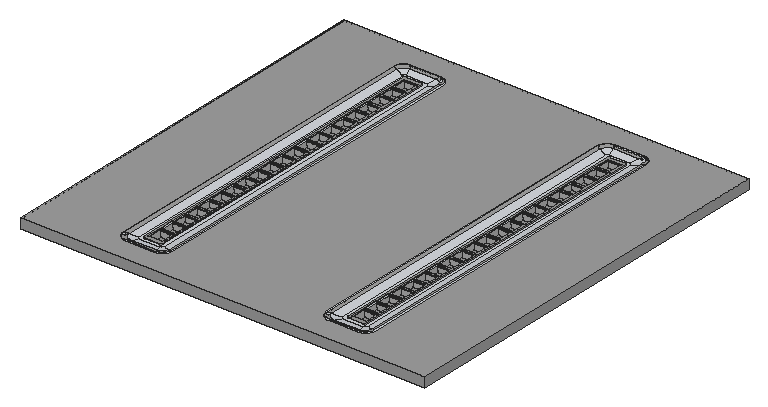
Revit family "0044000 Sylvania Lighting Fixture OptiClip 600 4000K C8 WH CC WHITE", category Lighting Fixtures, host Face, Revit 2016
Family settings
  Host = Face
  Part Type = Normal
  Round Connector Dimension = Use Diameter
  OmniClass Number = 23.80.70.00
  OmniClass Title = Lighting
  Cut with Voids When Loaded = No
  Light Source = Yes
  Shared = No
  Room Calculation Point = No
Parameters (values of type "Type Name")
  spacer height = 5 mm
  spacer centres = 1000 mm
  height = 14.63 mm
  cut out width = 590 mm
  cut out length = 590 mm
  Width = 595 mm
  Weight = ""
  Wattage Comments = ""
  Wattage = 9.2903 W
  WarrantyStartDate [instance] = "n/a"
  WarrantyGuarantorParts = "n/a"
  WarrantyDurationUnit = "n/a"
  WarrantyDurationParts = "n/a"
  WarrantyDescription = "n/a"
  built-in parameter 1150110 = 1 (stored number, unit not read)
  Voltage = 0 V
  URL = "http://www.feilosylvania.com"
  TypeName = ""
  Type Image = <None>
  Type Comments = "n/a"
  built-in parameter 1114217 = 1 (stored number, unit not read)
  Tilt Angle = 90.00°
  built-in parameter 1150109 = 1 (stored number, unit not read)
  built-in parameter 1150134 = 3
  built-in parameter 1150113 = 1 (stored number, unit not read)
  SerialNumber [instance] = "n/a"
  Photometric Web File = "0044000.ies"
  Material_3_FEILO = none
  PowerFactor = 0
  PowerConsumption = ""
  NominalLength = 0 mm
  NominalHeight = 0 mm
  NominalDepth = 0 mm
  Name = ""
  ModelReference = Name  # ""
  ModelNumber = ""
  Model = Name  # ""
  Material = ""
  ManufacturerName = "Feilo Sylvania"
  Manufacturer = "Feilo Sylvania"
  LuminousEfficacy = ""
  built-in parameter 1150105 = 109.82 (stored number, unit not read)
  Lumens = 1380 lm
  LuminaireType = ""
  built-in parameter 1150115 = 1 (stored number, unit not read)
  LightOutputRatio = ""
  built-in parameter 1150137 = (empty or 0)
  built-in parameter 1150139 = (empty or 0)
  Length = 595 mm
  LampsType = Lamp  # ""
  LampNominalLuminous = ""
  LampMacAdamStep = ""
  LampColourTemperature = ""
  LampColourRenderingIndex = ""
  built-in parameter 1150112 = 1 (stored number, unit not read)
  built-in parameter 1150114 = 1 (stored number, unit not read)
  Lamp = ""
  Keynote = "16500"
  InstallationDate [instance] = "n/a"
  InputVoltage = ""
  InputNominalFrequency = ""
  built-in parameter 1150132 = (empty or 0)
  built-in parameter 1150102 = (empty or 0)
  built-in parameter 1150107 = 3200 (stored number, unit not read)
  built-in parameter 1150138 = (empty or 0)
  IngressProtection = ""
  ImpactProtectionIndex = ""
  built-in parameter 1150106 = 1.0982 (stored number, unit not read)
  IfcExportType = "IfcLightFixtureType"
  IfcExportAs = "IfcLightFixtureType"
  Height = 50 mm
  ExpectedLife = 50000
  Emit from Circle Diameter = 609.6 mm
  Emit Shape Visible in Rendering = no
  ElectricShockClassification = ""
  built-in parameter 1150104 = 13.8 (stored number, unit not read)
  DurationUnit = "hours"
  DocumentationLiterature = ""
  DimmingControlOptions = ""
  Material_2_FEILO = none
  Dimming Lamp Color Temperature Shift = <None>
  Description = ""
  Default Elevation = 1219.2 mm
  CreatedOn = ""
  CreatedBy = ""
  Cost = 0
  Color Filter = 16777215
  built-in parameter 1114216 [instance] = (empty or 0)
  ClassificationValue = "EF_70_80"
  ClassificationName = "Uniclass2015"
  Material_1_FEILO = none
  BarCode [instance] = "n/a"
  built-in parameter 1114218 = 1 (stored number, unit not read)
  built-in parameter 1150133 = 10 (stored number, unit not read)
  AssetType = ""
  AssetIdentifier [instance] = "n/a"
  Assembly Code = "D5020200"
  Apparent Load = 0 VA
  Material_4_FEILO = none
Reference planes
  plane 1 "Center (Front/Back)": y = 0
  plane 2: z = 0
  plane 3 "Center (Left/Right)": x = 0
  plane 4: z = 0
  plane 5: y = 297.5
  plane 6: y = -297.5
  plane 7: x = -297.5
  plane 8: x = 297.5
  plane 9: x = -295
  plane 10: x = 295
  plane 11: y = 295
  plane 12: y = -295
  plane 13: z = -14.63
  plane 14: y = 296.5
  plane 15: x = -296.5
  plane 16: x = 296.5
  plane 17: y = -296.5
  plane 18: x = -185
  plane 19: x = -113
  plane 20: y = -246.5
  plane 21: x = -184
  plane 22: y = 262
  plane 23: x = -114
  plane 24: y = -262
  plane 25: y = 245.5
  plane 26: y = -245.345
  plane 27: x = -160
  plane 28: x = -138
  plane 29: y = 236.5
  plane 30: y = -236.345
  plane 31: y = 213.35
  plane 32: y = 212.35
  plane 33: y = 190.95
  plane 34: y = 189.95
  plane 35: y = 168.595
  plane 36: y = 167.595
  plane 37: y = 146.15
  plane 38: y = 145.15
  plane 39: y = 123.75
  plane 40: y = 122.75
  plane 41: y = 101.35
  plane 42: y = 100.35
  plane 43: y = 78.95
  plane 44: y = 77.95
  plane 45: y = 56.576
  plane 46: y = 55.576
  plane 47: y = 34.15
  plane 48: y = 33.15
  plane 49: y = 11.75
  plane 50: y = 10.75
  plane 51: y = -10.65
  plane 52: y = -11.65
  plane 53: y = -33.05
  plane 54: y = -34.05
  plane 55: y = -55.45
  plane 56: y = -56.45
  plane 57: y = -77.805
  plane 58: y = -78.805
  plane 59: y = -100.25
  plane 60: y = -101.25
  plane 61: y = -122.65
  plane 62: y = -123.65
  plane 63: y = -145.05
  plane 64: y = -146.05
  plane 65: y = -167.45
  plane 66: y = -168.416
  plane 67: y = -189.816
  plane 68: y = -190.816
  plane 69: y = -212.216
  plane 70: y = -213.216
  plane 71: y = -234.616
  plane 72: x = -159.5
  plane 73: x = -138.539
  plane 74: y = 230.05
  plane 75: y = 218.05
  plane 76: x = -143.039
  plane 77: x = -155
  plane 78: x = -162.5
  plane 79: x = -135.5
  plane 80: y = 240.5
  plane 81: y = -240.345
  plane 82: y = 238
Forms (mm)
  Extrusion 1, void, detail levels medium+fine
    sketch origin (4.2, 0, 0) x (0, 1, 0) y (1, 0, 0)
      loop
        line (295, -299.2) -> (295, 290.8) -> (-295, 290.8) -> (-295, -299.2) -> (295, -299.2)
    from 0 to 10
  Extrusion 2, solid, material "Default", detail levels medium+fine
    sketch origin (4.2, 0, 0) x (1, 0, 0) y (0, 1, 0)
      loop
        line (-301.7, 297.5) -> (-301.7, -297.5) -> (293.3, -297.5) -> (293.3, 297.5) -> (-301.7, 297.5)
    from 0 to -14.63
  Extrusion 3, void, detail levels medium+fine
    sketch origin (4.2, 0, 0) x (0, 1, 0) y (1, 0, 0)
      loop
        line (296.5, -300.7) -> (296.5, 292.3) -> (-296.5, 292.3) -> (-296.5, -300.7) -> (296.5, -300.7)
    from 1.008 to 14.63
  Blend 4, solid, detail levels medium+fine
    base sketch origin (4.2, 0, 0) x (1, 0, 0) y (0, 1, 0)
      loop
        line (-189.2, 248) -> (-189.2, -248)
        arc (-189.2, -248) -> (-184.807, -258.607) -> (-174.2, -263) r 15
        line (-174.2, -263) -> (-132.2, -263)
        arc (-132.2, -263) -> (-121.593, -258.607) -> (-117.2, -248) r 15
        line (-117.2, -248) -> (-117.2, 248)
        arc (-117.2, 248) -> (-121.593, 258.607) -> (-132.2, 263) r 15
        line (-132.2, 263) -> (-174.2, 263)
        arc (-174.2, 263) -> (-184.807, 258.607) -> (-189.2, 248) r 15
    top sketch origin (4.2, 0, 0) x (1, 0, 0) y (0, 1, 0)
      loop
        line (-172.7, 242.5) -> (-172.7, -242.5)
        arc (-172.7, -242.5) -> (-171.517, -245.34) -> (-168.667, -246.5) r 4
        line (-168.667, -246.5) -> (-137.633, -246.5)
        arc (-137.633, -246.5) -> (-134.828, -245.324) -> (-133.7, -242.5) r 3.934
        line (-133.7, -242.5) -> (-133.7, 242.5)
        arc (-133.7, 242.5) -> (-134.982, 245.439) -> (-138.008, 246.5) r 4.011
        line (-138.008, 246.5) -> (-168.7, 246.5)
        arc (-168.7, 246.5) -> (-171.528, 245.328) -> (-172.7, 242.5) r 4
    from 0 to -4
  Blend 5, void
    base sketch origin (4.2, 0, 0) x (0, 1, 0) y (-1, 0, 0)
      loop
        line (248, 188.2) -> (-248, 188.2)
        arc (-248, 188.2) -> (-257.899, 184.099) -> (-262, 174.2) r 14
        line (-262, 174.2) -> (-262, 132.2)
        arc (-262, 132.2) -> (-257.899, 122.301) -> (-248, 118.2) r 14
        line (-248, 118.2) -> (248, 118.2)
        arc (248, 118.2) -> (257.899, 122.301) -> (262, 132.2) r 14
        line (262, 132.2) -> (262, 174.2)
        arc (262, 174.2) -> (257.899, 184.099) -> (248, 188.2) r 14
    top sketch origin (4.2, 0, 0) x (0, 1, 0) y (-1, 0, 0)
      loop
        line (242.5, 171.7) -> (-242.5, 171.7)
        arc (-242.5, 171.7) -> (-244.579, 170.8) -> (-245.345, 168.667) r 2.851
        line (-245.345, 168.667) -> (-245.345, 137.633)
        arc (-245.345, 137.633) -> (-244.517, 135.59) -> (-242.5, 134.7) r 2.934
        line (-242.5, 134.7) -> (242.5, 134.7)
        arc (242.5, 134.7) -> (244.733, 135.69) -> (245.5, 138.008) r 3.014
        line (245.5, 138.008) -> (245.5, 168.7)
        arc (245.5, 168.7) -> (244.621, 170.821) -> (242.5, 171.7) r 3
    from 0 to -3.5
  Extrusion 6, solid, material "Aluminum 1100-H18", detail levels medium+fine
    sketch origin (4.2, 0, 0) x (1, 0, 0) y (0, 1, 0)
      loop
        line (-164.2, 236.5) -> (-164.2, -236.345) -> (-142.2, -236.345) -> (-142.2, 236.5) -> (-164.2, 236.5)
    from -4 to -14.63
  Extrusion 7, solid, material "Aluminum 1100-H18", detail levels medium+fine
    sketch origin (4.2, 0, 0) x (1, 0, 0) y (0, 1, 0)
      loop
        line (-166.7, 238) -> (-166.7, -238.071)
        arc (-166.7, -238.071) -> (-165.953, -239.761) -> (-164.2, -240.345) r 2.284
        line (-164.2, -240.345) -> (-142.156, -240.345)
        arc (-142.156, -240.345) -> (-140.483, -239.689) -> (-139.7, -238.071) r 2.464
        line (-139.7, -238.071) -> (-139.7, 238)
        arc (-139.7, 238) -> (-140.432, 239.768) -> (-142.2, 240.5) r 2.5
        line (-142.2, 240.5) -> (-164.2, 240.5)
        arc (-164.2, 240.5) -> (-165.968, 239.768) -> (-166.7, 238) r 2.5
    from -3.5 to -2.5
  Blend 8, void
    base sketch origin (4.2, 0, 0) x (0, 1, 0) y (-1, 0, 0)
      loop
        line (234.75, 163.7) -> (213.35, 163.7) -> (213.35, 142.739) -> (234.75, 142.739) -> (234.75, 163.7)
    top sketch origin (4.2, 0, 0) x (0, 1, 0) y (-1, 0, 0)
      loop
        line (230.05, 159.2) -> (218.05, 159.2) -> (218.05, 147.239) -> (230.05, 147.239) -> (230.05, 159.2)
    from -2.5 to -11
  Blend 9, void
    base sketch origin (4.2, -22.4, 0) x (0, 1, 0) y (-1, 0, 0)
      loop
        line (234.75, 163.7) -> (213.35, 163.7) -> (213.35, 142.739) -> (234.75, 142.739) -> (234.75, 163.7)
    top sketch origin (4.2, -22.4, 0) x (0, 1, 0) y (-1, 0, 0)
      loop
        line (230.05, 159.2) -> (218.05, 159.2) -> (218.05, 147.239) -> (230.05, 147.239) -> (230.05, 159.2)
    from -2.5 to -11
  Blend 10, void
    base sketch origin (4.2, -44.8, 0) x (0, 1, 0) y (-1, 0, 0)
      loop
        line (234.75, 163.7) -> (213.35, 163.7) -> (213.35, 142.739) -> (234.75, 142.739) -> (234.75, 163.7)
    top sketch origin (4.2, -44.8, 0) x (0, 1, 0) y (-1, 0, 0)
      loop
        line (230.05, 159.2) -> (218.05, 159.2) -> (218.05, 147.239) -> (230.05, 147.239) -> (230.05, 159.2)
    from -2.5 to -11
  Blend 11, void
    base sketch origin (4.2, -67.155, 0) x (0, 1, 0) y (-1, 0, 0)
      loop
        line (234.75, 163.7) -> (213.35, 163.7) -> (213.35, 142.739) -> (234.75, 142.739) -> (234.75, 163.7)
    top sketch origin (4.2, -67.155, 0) x (0, 1, 0) y (-1, 0, 0)
      loop
        line (230.05, 159.2) -> (218.05, 159.2) -> (218.05, 147.239) -> (230.05, 147.239) -> (230.05, 159.2)
    from -2.5 to -11
  Blend 12, void
    base sketch origin (4.2, -89.6, 0) x (0, 1, 0) y (-1, 0, 0)
      loop
        line (234.75, 163.7) -> (213.35, 163.7) -> (213.35, 142.739) -> (234.75, 142.739) -> (234.75, 163.7)
    top sketch origin (4.2, -89.6, 0) x (0, 1, 0) y (-1, 0, 0)
      loop
        line (230.05, 159.2) -> (218.05, 159.2) -> (218.05, 147.239) -> (230.05, 147.239) -> (230.05, 159.2)
    from -2.5 to -11
  Blend 13, void
    base sketch origin (4.2, -112, 0) x (0, 1, 0) y (-1, 0, 0)
      loop
        line (234.75, 163.7) -> (213.35, 163.7) -> (213.35, 142.739) -> (234.75, 142.739) -> (234.75, 163.7)
    top sketch origin (4.2, -112, 0) x (0, 1, 0) y (-1, 0, 0)
      loop
        line (230.05, 159.2) -> (218.05, 159.2) -> (218.05, 147.239) -> (230.05, 147.239) -> (230.05, 159.2)
    from -2.5 to -11
  Blend 14, void
    base sketch origin (4.2, -134.4, 0) x (0, 1, 0) y (-1, 0, 0)
      loop
        line (234.75, 163.7) -> (213.35, 163.7) -> (213.35, 142.739) -> (234.75, 142.739) -> (234.75, 163.7)
    top sketch origin (4.2, -134.4, 0) x (0, 1, 0) y (-1, 0, 0)
      loop
        line (230.05, 159.2) -> (218.05, 159.2) -> (218.05, 147.239) -> (230.05, 147.239) -> (230.05, 159.2)
    from -2.5 to -11
  Blend 15, void
    base sketch origin (4.2, -156.8, 0) x (0, 1, 0) y (-1, 0, 0)
      loop
        line (234.75, 163.7) -> (213.35, 163.7) -> (213.35, 142.739) -> (234.75, 142.739) -> (234.75, 163.7)
    top sketch origin (4.2, -156.8, 0) x (0, 1, 0) y (-1, 0, 0)
      loop
        line (230.05, 159.2) -> (218.05, 159.2) -> (218.05, 147.239) -> (230.05, 147.239) -> (230.05, 159.2)
    from -2.5 to -11
  Blend 16, void
    base sketch origin (4.2, -179.174, 0) x (0, 1, 0) y (-1, 0, 0)
      loop
        line (234.75, 163.7) -> (213.35, 163.7) -> (213.35, 142.739) -> (234.75, 142.739) -> (234.75, 163.7)
    top sketch origin (4.2, -179.174, 0) x (0, 1, 0) y (-1, 0, 0)
      loop
        line (230.05, 159.2) -> (218.05, 159.2) -> (218.05, 147.239) -> (230.05, 147.239) -> (230.05, 159.2)
    from -2.5 to -11
  Blend 17, void
    base sketch origin (4.2, -201.6, 0) x (0, 1, 0) y (-1, 0, 0)
      loop
        line (234.75, 163.7) -> (213.35, 163.7) -> (213.35, 142.739) -> (234.75, 142.739) -> (234.75, 163.7)
    top sketch origin (4.2, -201.6, 0) x (0, 1, 0) y (-1, 0, 0)
      loop
        line (230.05, 159.2) -> (218.05, 159.2) -> (218.05, 147.239) -> (230.05, 147.239) -> (230.05, 159.2)
    from -2.5 to -11
  Blend 18, void
    base sketch origin (4.2, -224, 0) x (0, 1, 0) y (-1, 0, 0)
      loop
        line (234.75, 163.7) -> (213.35, 163.7) -> (213.35, 142.739) -> (234.75, 142.739) -> (234.75, 163.7)
    top sketch origin (4.2, -224, 0) x (0, 1, 0) y (-1, 0, 0)
      loop
        line (230.05, 159.2) -> (218.05, 159.2) -> (218.05, 147.239) -> (230.05, 147.239) -> (230.05, 159.2)
    from -2.5 to -11
  Blend 19, void
    base sketch origin (4.2, -246.4, 0) x (0, 1, 0) y (-1, 0, 0)
      loop
        line (234.75, 163.7) -> (213.35, 163.7) -> (213.35, 142.739) -> (234.75, 142.739) -> (234.75, 163.7)
    top sketch origin (4.2, -246.4, 0) x (0, 1, 0) y (-1, 0, 0)
      loop
        line (230.05, 159.2) -> (218.05, 159.2) -> (218.05, 147.239) -> (230.05, 147.239) -> (230.05, 159.2)
    from -2.5 to -11
  Blend 20, void
    base sketch origin (4.2, -268.8, 0) x (0, 1, 0) y (-1, 0, 0)
      loop
        line (234.75, 163.7) -> (213.35, 163.7) -> (213.35, 142.739) -> (234.75, 142.739) -> (234.75, 163.7)
    top sketch origin (4.2, -268.8, 0) x (0, 1, 0) y (-1, 0, 0)
      loop
        line (230.05, 159.2) -> (218.05, 159.2) -> (218.05, 147.239) -> (230.05, 147.239) -> (230.05, 159.2)
    from -2.5 to -11
  Blend 21, void
    base sketch origin (4.2, -291.2, 0) x (0, 1, 0) y (-1, 0, 0)
      loop
        line (234.75, 163.7) -> (213.35, 163.7) -> (213.35, 142.739) -> (234.75, 142.739) -> (234.75, 163.7)
    top sketch origin (4.2, -291.2, 0) x (0, 1, 0) y (-1, 0, 0)
      loop
        line (230.05, 159.2) -> (218.05, 159.2) -> (218.05, 147.239) -> (230.05, 147.239) -> (230.05, 159.2)
    from -2.5 to -11
  Blend 22, void
    base sketch origin (4.2, -313.555, 0) x (0, 1, 0) y (-1, 0, 0)
      loop
        line (234.75, 163.7) -> (213.35, 163.7) -> (213.35, 142.739) -> (234.75, 142.739) -> (234.75, 163.7)
    top sketch origin (4.2, -313.555, 0) x (0, 1, 0) y (-1, 0, 0)
      loop
        line (230.05, 159.2) -> (218.05, 159.2) -> (218.05, 147.239) -> (230.05, 147.239) -> (230.05, 159.2)
    from -2.5 to -11
  Blend 23, void
    base sketch origin (4.2, -336, 0) x (0, 1, 0) y (-1, 0, 0)
      loop
        line (234.75, 163.7) -> (213.35, 163.7) -> (213.35, 142.739) -> (234.75, 142.739) -> (234.75, 163.7)
    top sketch origin (4.2, -336, 0) x (0, 1, 0) y (-1, 0, 0)
      loop
        line (230.05, 159.2) -> (218.05, 159.2) -> (218.05, 147.239) -> (230.05, 147.239) -> (230.05, 159.2)
    from -2.5 to -11
  Blend 24, void
    base sketch origin (4.2, -358.4, 0) x (0, 1, 0) y (-1, 0, 0)
      loop
        line (234.75, 163.7) -> (213.35, 163.7) -> (213.35, 142.739) -> (234.75, 142.739) -> (234.75, 163.7)
    top sketch origin (4.2, -358.4, 0) x (0, 1, 0) y (-1, 0, 0)
      loop
        line (230.05, 159.2) -> (218.05, 159.2) -> (218.05, 147.239) -> (230.05, 147.239) -> (230.05, 159.2)
    from -2.5 to -11
  Blend 25, void
    base sketch origin (4.2, -380.8, 0) x (0, 1, 0) y (-1, 0, 0)
      loop
        line (234.75, 163.7) -> (213.35, 163.7) -> (213.35, 142.739) -> (234.75, 142.739) -> (234.75, 163.7)
    top sketch origin (4.2, -380.8, 0) x (0, 1, 0) y (-1, 0, 0)
      loop
        line (230.05, 159.2) -> (218.05, 159.2) -> (218.05, 147.239) -> (230.05, 147.239) -> (230.05, 159.2)
    from -2.5 to -11
  Extrusion 26, solid, material "Glass, White, High Luminance", detail levels fine
    sketch origin (4.2, 0, 0) x (1, 0, 0) y (0, 1, 0)
      loop
        line (-159.2, 230.05) -> (-159.2, 218.05) -> (-147.239, 218.05) -> (-147.239, 230.05) -> (-159.2, 230.05)
    from -11 to -10
  Extrusion 27, solid, material "Glass, White, High Luminance", detail levels fine
    sketch origin (4.2, -22.4, 0) x (1, 0, 0) y (0, 1, 0)
      loop
        line (-159.2, 230.05) -> (-159.2, 218.05) -> (-147.239, 218.05) -> (-147.239, 230.05) -> (-159.2, 230.05)
    from -11 to -10
  Extrusion 28, solid, material "Glass, White, High Luminance", detail levels fine
    sketch origin (4.2, -44.8, 0) x (1, 0, 0) y (0, 1, 0)
      loop
        line (-159.2, 230.05) -> (-159.2, 218.05) -> (-147.239, 218.05) -> (-147.239, 230.05) -> (-159.2, 230.05)
    from -11 to -10
  Extrusion 29, solid, material "Glass, White, High Luminance", detail levels fine
    sketch origin (4.2, -67.155, 0) x (1, 0, 0) y (0, 1, 0)
      loop
        line (-159.2, 230.05) -> (-159.2, 218.05) -> (-147.239, 218.05) -> (-147.239, 230.05) -> (-159.2, 230.05)
    from -11 to -10
  Extrusion 30, solid, material "Glass, White, High Luminance", detail levels fine
    sketch origin (4.2, -89.6, 0) x (1, 0, 0) y (0, 1, 0)
      loop
        line (-159.2, 230.05) -> (-159.2, 218.05) -> (-147.239, 218.05) -> (-147.239, 230.05) -> (-159.2, 230.05)
    from -11 to -10
  Extrusion 31, solid, material "Glass, White, High Luminance", detail levels fine
    sketch origin (4.2, -112, 0) x (1, 0, 0) y (0, 1, 0)
      loop
        line (-159.2, 230.05) -> (-159.2, 218.05) -> (-147.239, 218.05) -> (-147.239, 230.05) -> (-159.2, 230.05)
    from -11 to -10
  Extrusion 32, solid, material "Glass, White, High Luminance", detail levels fine
    sketch origin (4.2, -134.4, 0) x (1, 0, 0) y (0, 1, 0)
      loop
        line (-159.2, 230.05) -> (-159.2, 218.05) -> (-147.239, 218.05) -> (-147.239, 230.05) -> (-159.2, 230.05)
    from -11 to -10
  Extrusion 33, solid, material "Glass, White, High Luminance", detail levels fine
    sketch origin (4.2, -156.8, 0) x (1, 0, 0) y (0, 1, 0)
      loop
        line (-159.2, 230.05) -> (-159.2, 218.05) -> (-147.239, 218.05) -> (-147.239, 230.05) -> (-159.2, 230.05)
    from -11 to -10
  Extrusion 34, solid, material "Glass, White, High Luminance", detail levels fine
    sketch origin (4.2, -179.174, 0) x (1, 0, 0) y (0, 1, 0)
      loop
        line (-159.2, 230.05) -> (-159.2, 218.05) -> (-147.239, 218.05) -> (-147.239, 230.05) -> (-159.2, 230.05)
    from -11 to -10
  Extrusion 35, solid, material "Glass, White, High Luminance", detail levels fine
    sketch origin (4.2, -201.6, 0) x (1, 0, 0) y (0, 1, 0)
      loop
        line (-159.2, 230.05) -> (-159.2, 218.05) -> (-147.239, 218.05) -> (-147.239, 230.05) -> (-159.2, 230.05)
    from -11 to -10
  Extrusion 36, solid, material "Glass, White, High Luminance", detail levels fine
    sketch origin (4.2, -224, 0) x (1, 0, 0) y (0, 1, 0)
      loop
        line (-159.2, 230.05) -> (-159.2, 218.05) -> (-147.239, 218.05) -> (-147.239, 230.05) -> (-159.2, 230.05)
    from -11 to -10
  Extrusion 37, solid, material "Glass, White, High Luminance", detail levels fine
    sketch origin (4.2, -246.4, 0) x (1, 0, 0) y (0, 1, 0)
      loop
        line (-159.2, 230.05) -> (-159.2, 218.05) -> (-147.239, 218.05) -> (-147.239, 230.05) -> (-159.2, 230.05)
    from -11 to -10
  Extrusion 38, solid, material "Glass, White, High Luminance", detail levels fine
    sketch origin (4.2, -268.8, 0) x (1, 0, 0) y (0, 1, 0)
      loop
        line (-159.2, 230.05) -> (-159.2, 218.05) -> (-147.239, 218.05) -> (-147.239, 230.05) -> (-159.2, 230.05)
    from -11 to -10
  Extrusion 39, solid, material "Glass, White, High Luminance", detail levels fine
    sketch origin (4.2, -291.2, 0) x (1, 0, 0) y (0, 1, 0)
      loop
        line (-159.2, 230.05) -> (-159.2, 218.05) -> (-147.239, 218.05) -> (-147.239, 230.05) -> (-159.2, 230.05)
    from -11 to -10
  Extrusion 40, solid, material "Glass, White, High Luminance", detail levels fine
    sketch origin (4.2, -313.555, 0) x (1, 0, 0) y (0, 1, 0)
      loop
        line (-159.2, 230.05) -> (-159.2, 218.05) -> (-147.239, 218.05) -> (-147.239, 230.05) -> (-159.2, 230.05)
    from -11 to -10
  Extrusion 41, solid, material "Glass, White, High Luminance", detail levels fine
    sketch origin (4.2, -336, 0) x (1, 0, 0) y (0, 1, 0)
      loop
        line (-159.2, 230.05) -> (-159.2, 218.05) -> (-147.239, 218.05) -> (-147.239, 230.05) -> (-159.2, 230.05)
    from -11 to -10
  Extrusion 42, solid, material "Glass, White, High Luminance", detail levels fine
    sketch origin (4.2, -358.4, 0) x (1, 0, 0) y (0, 1, 0)
      loop
        line (-159.2, 230.05) -> (-159.2, 218.05) -> (-147.239, 218.05) -> (-147.239, 230.05) -> (-159.2, 230.05)
    from -11 to -10
  Extrusion 43, solid, material "Glass, White, High Luminance", detail levels fine
    sketch origin (4.2, -380.8, 0) x (1, 0, 0) y (0, 1, 0)
      loop
        line (-159.2, 230.05) -> (-159.2, 218.05) -> (-147.239, 218.05) -> (-147.239, 230.05) -> (-159.2, 230.05)
    from -11 to -10
  Extrusion 44, solid, material "Glass, White, High Luminance", detail levels fine
    sketch origin (3.419, -403.166, 0) x (1, 0, 0) y (0, 1, 0)
      loop
        line (-158.419, 230.05) -> (-158.419, 218.05) -> (-146.458, 218.05) -> (-146.458, 230.05) -> (-158.419, 230.05)
    from -11 to -10
  Extrusion 45, solid, material "Glass, White, High Luminance", detail levels fine
    sketch origin (3.419, -425.566, 0) x (1, 0, 0) y (0, 1, 0)
      loop
        line (-158.419, 230.05) -> (-158.419, 218.05) -> (-146.458, 218.05) -> (-146.458, 230.05) -> (-158.419, 230.05)
    from -11 to -10
  Extrusion 46, solid, material "Glass, White, High Luminance", detail levels fine
    sketch origin (3.419, -447.966, 0) x (1, 0, 0) y (0, 1, 0)
      loop
        line (-158.419, 230.05) -> (-158.419, 218.05) -> (-146.458, 218.05) -> (-146.458, 230.05) -> (-158.419, 230.05)
    from -11 to -10
  Blend 47, solid, detail levels medium+fine
    base sketch origin (303.2, 0, 0) x (1, 0, 0) y (0, 1, 0)
      loop
        line (-189.2, 248) -> (-189.2, -248)
        arc (-189.2, -248) -> (-184.807, -258.607) -> (-174.2, -263) r 15
        line (-174.2, -263) -> (-132.2, -263)
        arc (-132.2, -263) -> (-121.593, -258.607) -> (-117.2, -248) r 15
        line (-117.2, -248) -> (-117.2, 248)
        arc (-117.2, 248) -> (-121.593, 258.607) -> (-132.2, 263) r 15
        line (-132.2, 263) -> (-174.2, 263)
        arc (-174.2, 263) -> (-184.807, 258.607) -> (-189.2, 248) r 15
    top sketch origin (303.2, 0, 0) x (1, 0, 0) y (0, 1, 0)
      loop
        line (-172.7, 242.5) -> (-172.7, -242.5)
        arc (-172.7, -242.5) -> (-171.517, -245.34) -> (-168.667, -246.5) r 4
        line (-168.667, -246.5) -> (-137.633, -246.5)
        arc (-137.633, -246.5) -> (-134.828, -245.324) -> (-133.7, -242.5) r 3.934
        line (-133.7, -242.5) -> (-133.7, 242.5)
        arc (-133.7, 242.5) -> (-134.982, 245.439) -> (-138.008, 246.5) r 4.011
        line (-138.008, 246.5) -> (-168.7, 246.5)
        arc (-168.7, 246.5) -> (-171.528, 245.328) -> (-172.7, 242.5) r 4
    from 0 to -4
  Blend 48, void
    base sketch origin (303.2, 0, 0) x (0, 1, 0) y (-1, 0, 0)
      loop
        line (248, 188.2) -> (-248, 188.2)
        arc (-248, 188.2) -> (-257.899, 184.099) -> (-262, 174.2) r 14
        line (-262, 174.2) -> (-262, 132.2)
        arc (-262, 132.2) -> (-257.899, 122.301) -> (-248, 118.2) r 14
        line (-248, 118.2) -> (248, 118.2)
        arc (248, 118.2) -> (257.899, 122.301) -> (262, 132.2) r 14
        line (262, 132.2) -> (262, 174.2)
        arc (262, 174.2) -> (257.899, 184.099) -> (248, 188.2) r 14
    top sketch origin (303.2, 0, 0) x (0, 1, 0) y (-1, 0, 0)
      loop
        line (242.5, 171.7) -> (-242.5, 171.7)
        arc (-242.5, 171.7) -> (-244.579, 170.8) -> (-245.345, 168.667) r 2.851
        line (-245.345, 168.667) -> (-245.345, 137.633)
        arc (-245.345, 137.633) -> (-244.517, 135.59) -> (-242.5, 134.7) r 2.934
        line (-242.5, 134.7) -> (242.5, 134.7)
        arc (242.5, 134.7) -> (244.733, 135.69) -> (245.5, 138.008) r 3.014
        line (245.5, 138.008) -> (245.5, 168.7)
        arc (245.5, 168.7) -> (244.621, 170.821) -> (242.5, 171.7) r 3
    from 0 to -3.5
  Extrusion 49, solid, material "Aluminum 1100-H18", detail levels medium+fine
    sketch origin (304.2, 0, 0) x (1, 0, 0) y (0, 1, 0)
      loop
        line (-164.2, 236.5) -> (-164.2, -236.345) -> (-142.2, -236.345) -> (-142.2, 236.5) -> (-164.2, 236.5)
    from -4 to -14.63
  Blend 50, void
    base sketch origin (4.2, -403.166, 0) x (0, 1, 0) y (-1, 0, 0)
      loop
        line (234.75, 163.7) -> (213.35, 163.7) -> (213.35, 142.739) -> (234.75, 142.739) -> (234.75, 163.7)
    top sketch origin (4.2, -403.166, 0) x (0, 1, 0) y (-1, 0, 0)
      loop
        line (230.05, 159.2) -> (218.05, 159.2) -> (218.05, 147.239) -> (230.05, 147.239) -> (230.05, 159.2)
    from -2.5 to -11
  Blend 51, void
    base sketch origin (4.2, -425.566, 0) x (0, 1, 0) y (-1, 0, 0)
      loop
        line (234.75, 163.7) -> (213.35, 163.7) -> (213.35, 142.739) -> (234.75, 142.739) -> (234.75, 163.7)
    top sketch origin (4.2, -425.566, 0) x (0, 1, 0) y (-1, 0, 0)
      loop
        line (230.05, 159.2) -> (218.05, 159.2) -> (218.05, 147.239) -> (230.05, 147.239) -> (230.05, 159.2)
    from -2.5 to -11
  Blend 52, void
    base sketch origin (4.2, -447.966, 0) x (0, 1, 0) y (-1, 0, 0)
      loop
        line (234.75, 163.7) -> (213.35, 163.7) -> (213.35, 142.739) -> (234.75, 142.739) -> (234.75, 163.7)
    top sketch origin (4.2, -447.966, 0) x (0, 1, 0) y (-1, 0, 0)
      loop
        line (230.05, 159.2) -> (218.05, 159.2) -> (218.05, 147.239) -> (230.05, 147.239) -> (230.05, 159.2)
    from -2.5 to -11
  Extrusion 53, solid, material "Aluminum 1100-H18", detail levels medium+fine
    sketch origin (304.2, 0, 0) x (1, 0, 0) y (0, 1, 0)
      loop
        line (-166.7, 238) -> (-166.7, -238.071)
        arc (-166.7, -238.071) -> (-165.953, -239.761) -> (-164.2, -240.345) r 2.284
        line (-164.2, -240.345) -> (-142.156, -240.345)
        arc (-142.156, -240.345) -> (-140.483, -239.689) -> (-139.7, -238.071) r 2.464
        line (-139.7, -238.071) -> (-139.7, 238)
        arc (-139.7, 238) -> (-140.432, 239.768) -> (-142.2, 240.5) r 2.5
        line (-142.2, 240.5) -> (-164.2, 240.5)
        arc (-164.2, 240.5) -> (-165.968, 239.768) -> (-166.7, 238) r 2.5
    from -3.5 to -2.5
  Blend 54, void
    base sketch origin (304.2, 0, 0) x (0, 1, 0) y (-1, 0, 0)
      loop
        line (234.75, 163.7) -> (213.35, 163.7) -> (213.35, 142.739) -> (234.75, 142.739) -> (234.75, 163.7)
    top sketch origin (304.2, 0, 0) x (0, 1, 0) y (-1, 0, 0)
      loop
        line (230.05, 159.2) -> (218.05, 159.2) -> (218.05, 147.239) -> (230.05, 147.239) -> (230.05, 159.2)
    from -2.5 to -11
  Blend 55, void
    base sketch origin (304.2, -22.4, 0) x (0, 1, 0) y (-1, 0, 0)
      loop
        line (234.75, 163.7) -> (213.35, 163.7) -> (213.35, 142.739) -> (234.75, 142.739) -> (234.75, 163.7)
    top sketch origin (304.2, -22.4, 0) x (0, 1, 0) y (-1, 0, 0)
      loop
        line (230.05, 159.2) -> (218.05, 159.2) -> (218.05, 147.239) -> (230.05, 147.239) -> (230.05, 159.2)
    from -2.5 to -11
  Blend 56, void
    base sketch origin (304.2, -44.8, 0) x (0, 1, 0) y (-1, 0, 0)
      loop
        line (234.75, 163.7) -> (213.35, 163.7) -> (213.35, 142.739) -> (234.75, 142.739) -> (234.75, 163.7)
    top sketch origin (304.2, -44.8, 0) x (0, 1, 0) y (-1, 0, 0)
      loop
        line (230.05, 159.2) -> (218.05, 159.2) -> (218.05, 147.239) -> (230.05, 147.239) -> (230.05, 159.2)
    from -2.5 to -11
  Blend 57, void
    base sketch origin (304.2, -67.155, 0) x (0, 1, 0) y (-1, 0, 0)
      loop
        line (234.75, 163.7) -> (213.35, 163.7) -> (213.35, 142.739) -> (234.75, 142.739) -> (234.75, 163.7)
    top sketch origin (304.2, -67.155, 0) x (0, 1, 0) y (-1, 0, 0)
      loop
        line (230.05, 159.2) -> (218.05, 159.2) -> (218.05, 147.239) -> (230.05, 147.239) -> (230.05, 159.2)
    from -2.5 to -11
  Blend 58, void
    base sketch origin (304.2, -89.6, 0) x (0, 1, 0) y (-1, 0, 0)
      loop
        line (234.75, 163.7) -> (213.35, 163.7) -> (213.35, 142.739) -> (234.75, 142.739) -> (234.75, 163.7)
    top sketch origin (304.2, -89.6, 0) x (0, 1, 0) y (-1, 0, 0)
      loop
        line (230.05, 159.2) -> (218.05, 159.2) -> (218.05, 147.239) -> (230.05, 147.239) -> (230.05, 159.2)
    from -2.5 to -11
  Blend 59, void
    base sketch origin (304.2, -112, 0) x (0, 1, 0) y (-1, 0, 0)
      loop
        line (234.75, 163.7) -> (213.35, 163.7) -> (213.35, 142.739) -> (234.75, 142.739) -> (234.75, 163.7)
    top sketch origin (304.2, -112, 0) x (0, 1, 0) y (-1, 0, 0)
      loop
        line (230.05, 159.2) -> (218.05, 159.2) -> (218.05, 147.239) -> (230.05, 147.239) -> (230.05, 159.2)
    from -2.5 to -11
  Blend 60, void
    base sketch origin (304.2, -134.4, 0) x (0, 1, 0) y (-1, 0, 0)
      loop
        line (234.75, 163.7) -> (213.35, 163.7) -> (213.35, 142.739) -> (234.75, 142.739) -> (234.75, 163.7)
    top sketch origin (304.2, -134.4, 0) x (0, 1, 0) y (-1, 0, 0)
      loop
        line (230.05, 159.2) -> (218.05, 159.2) -> (218.05, 147.239) -> (230.05, 147.239) -> (230.05, 159.2)
    from -2.5 to -11
  Blend 61, void
    base sketch origin (304.2, -156.8, 0) x (0, 1, 0) y (-1, 0, 0)
      loop
        line (234.75, 163.7) -> (213.35, 163.7) -> (213.35, 142.739) -> (234.75, 142.739) -> (234.75, 163.7)
    top sketch origin (304.2, -156.8, 0) x (0, 1, 0) y (-1, 0, 0)
      loop
        line (230.05, 159.2) -> (218.05, 159.2) -> (218.05, 147.239) -> (230.05, 147.239) -> (230.05, 159.2)
    from -2.5 to -11
  Blend 62, void
    base sketch origin (304.2, -179.174, 0) x (0, 1, 0) y (-1, 0, 0)
      loop
        line (234.75, 163.7) -> (213.35, 163.7) -> (213.35, 142.739) -> (234.75, 142.739) -> (234.75, 163.7)
    top sketch origin (304.2, -179.174, 0) x (0, 1, 0) y (-1, 0, 0)
      loop
        line (230.05, 159.2) -> (218.05, 159.2) -> (218.05, 147.239) -> (230.05, 147.239) -> (230.05, 159.2)
    from -2.5 to -11
  Blend 63, void
    base sketch origin (304.2, -201.6, 0) x (0, 1, 0) y (-1, 0, 0)
      loop
        line (234.75, 163.7) -> (213.35, 163.7) -> (213.35, 142.739) -> (234.75, 142.739) -> (234.75, 163.7)
    top sketch origin (304.2, -201.6, 0) x (0, 1, 0) y (-1, 0, 0)
      loop
        line (230.05, 159.2) -> (218.05, 159.2) -> (218.05, 147.239) -> (230.05, 147.239) -> (230.05, 159.2)
    from -2.5 to -11
  Blend 64, void
    base sketch origin (304.2, -224, 0) x (0, 1, 0) y (-1, 0, 0)
      loop
        line (234.75, 163.7) -> (213.35, 163.7) -> (213.35, 142.739) -> (234.75, 142.739) -> (234.75, 163.7)
    top sketch origin (304.2, -224, 0) x (0, 1, 0) y (-1, 0, 0)
      loop
        line (230.05, 159.2) -> (218.05, 159.2) -> (218.05, 147.239) -> (230.05, 147.239) -> (230.05, 159.2)
    from -2.5 to -11
  Blend 65, void
    base sketch origin (304.2, -246.4, 0) x (0, 1, 0) y (-1, 0, 0)
      loop
        line (234.75, 163.7) -> (213.35, 163.7) -> (213.35, 142.739) -> (234.75, 142.739) -> (234.75, 163.7)
    top sketch origin (304.2, -246.4, 0) x (0, 1, 0) y (-1, 0, 0)
      loop
        line (230.05, 159.2) -> (218.05, 159.2) -> (218.05, 147.239) -> (230.05, 147.239) -> (230.05, 159.2)
    from -2.5 to -11
  Blend 66, void
    base sketch origin (304.2, -268.8, 0) x (0, 1, 0) y (-1, 0, 0)
      loop
        line (234.75, 163.7) -> (213.35, 163.7) -> (213.35, 142.739) -> (234.75, 142.739) -> (234.75, 163.7)
    top sketch origin (304.2, -268.8, 0) x (0, 1, 0) y (-1, 0, 0)
      loop
        line (230.05, 159.2) -> (218.05, 159.2) -> (218.05, 147.239) -> (230.05, 147.239) -> (230.05, 159.2)
    from -2.5 to -11
  Blend 67, void
    base sketch origin (304.2, -291.2, 0) x (0, 1, 0) y (-1, 0, 0)
      loop
        line (234.75, 163.7) -> (213.35, 163.7) -> (213.35, 142.739) -> (234.75, 142.739) -> (234.75, 163.7)
    top sketch origin (304.2, -291.2, 0) x (0, 1, 0) y (-1, 0, 0)
      loop
        line (230.05, 159.2) -> (218.05, 159.2) -> (218.05, 147.239) -> (230.05, 147.239) -> (230.05, 159.2)
    from -2.5 to -11
  Blend 68, void
    base sketch origin (304.2, -313.555, 0) x (0, 1, 0) y (-1, 0, 0)
      loop
        line (234.75, 163.7) -> (213.35, 163.7) -> (213.35, 142.739) -> (234.75, 142.739) -> (234.75, 163.7)
    top sketch origin (304.2, -313.555, 0) x (0, 1, 0) y (-1, 0, 0)
      loop
        line (230.05, 159.2) -> (218.05, 159.2) -> (218.05, 147.239) -> (230.05, 147.239) -> (230.05, 159.2)
    from -2.5 to -11
  Blend 69, void
    base sketch origin (304.2, -336, 0) x (0, 1, 0) y (-1, 0, 0)
      loop
        line (234.75, 163.7) -> (213.35, 163.7) -> (213.35, 142.739) -> (234.75, 142.739) -> (234.75, 163.7)
    top sketch origin (304.2, -336, 0) x (0, 1, 0) y (-1, 0, 0)
      loop
        line (230.05, 159.2) -> (218.05, 159.2) -> (218.05, 147.239) -> (230.05, 147.239) -> (230.05, 159.2)
    from -2.5 to -11
  Blend 70, void
    base sketch origin (304.2, -358.4, 0) x (0, 1, 0) y (-1, 0, 0)
      loop
        line (234.75, 163.7) -> (213.35, 163.7) -> (213.35, 142.739) -> (234.75, 142.739) -> (234.75, 163.7)
    top sketch origin (304.2, -358.4, 0) x (0, 1, 0) y (-1, 0, 0)
      loop
        line (230.05, 159.2) -> (218.05, 159.2) -> (218.05, 147.239) -> (230.05, 147.239) -> (230.05, 159.2)
    from -2.5 to -11
  Blend 71, void
    base sketch origin (304.2, -380.8, 0) x (0, 1, 0) y (-1, 0, 0)
      loop
        line (234.75, 163.7) -> (213.35, 163.7) -> (213.35, 142.739) -> (234.75, 142.739) -> (234.75, 163.7)
    top sketch origin (304.2, -380.8, 0) x (0, 1, 0) y (-1, 0, 0)
      loop
        line (230.05, 159.2) -> (218.05, 159.2) -> (218.05, 147.239) -> (230.05, 147.239) -> (230.05, 159.2)
    from -2.5 to -11
  Blend 72, void
    base sketch origin (304.2, -403.166, 0) x (0, 1, 0) y (-1, 0, 0)
      loop
        line (234.75, 163.7) -> (213.35, 163.7) -> (213.35, 142.739) -> (234.75, 142.739) -> (234.75, 163.7)
    top sketch origin (304.2, -403.166, 0) x (0, 1, 0) y (-1, 0, 0)
      loop
        line (230.05, 159.2) -> (218.05, 159.2) -> (218.05, 147.239) -> (230.05, 147.239) -> (230.05, 159.2)
    from -2.5 to -11
  Blend 73, void
    base sketch origin (304.2, -425.566, 0) x (0, 1, 0) y (-1, 0, 0)
      loop
        line (234.75, 163.7) -> (213.35, 163.7) -> (213.35, 142.739) -> (234.75, 142.739) -> (234.75, 163.7)
    top sketch origin (304.2, -425.566, 0) x (0, 1, 0) y (-1, 0, 0)
      loop
        line (230.05, 159.2) -> (218.05, 159.2) -> (218.05, 147.239) -> (230.05, 147.239) -> (230.05, 159.2)
    from -2.5 to -11
  Blend 74, void
    base sketch origin (304.2, -447.966, 0) x (0, 1, 0) y (-1, 0, 0)
      loop
        line (234.75, 163.7) -> (213.35, 163.7) -> (213.35, 142.739) -> (234.75, 142.739) -> (234.75, 163.7)
    top sketch origin (304.2, -447.966, 0) x (0, 1, 0) y (-1, 0, 0)
      loop
        line (230.05, 159.2) -> (218.05, 159.2) -> (218.05, 147.239) -> (230.05, 147.239) -> (230.05, 159.2)
    from -2.5 to -11
  Extrusion 75, solid, material "Glass, White, High Luminance", detail levels fine
    sketch origin (304.2, 0, 0) x (1, 0, 0) y (0, 1, 0)
      loop
        line (-159.2, 230.05) -> (-159.2, 218.05) -> (-147.239, 218.05) -> (-147.239, 230.05) -> (-159.2, 230.05)
    from -11 to -10
  Extrusion 76, solid, material "Glass, White, High Luminance", detail levels fine
    sketch origin (304.2, -22.4, 0) x (1, 0, 0) y (0, 1, 0)
      loop
        line (-159.2, 230.05) -> (-159.2, 218.05) -> (-147.239, 218.05) -> (-147.239, 230.05) -> (-159.2, 230.05)
    from -11 to -10
  Extrusion 77, solid, material "Glass, White, High Luminance", detail levels fine
    sketch origin (304.2, -44.8, 0) x (1, 0, 0) y (0, 1, 0)
      loop
        line (-159.2, 230.05) -> (-159.2, 218.05) -> (-147.239, 218.05) -> (-147.239, 230.05) -> (-159.2, 230.05)
    from -11 to -10
  Extrusion 78, solid, material "Glass, White, High Luminance", detail levels fine
    sketch origin (304.2, -67.155, 0) x (1, 0, 0) y (0, 1, 0)
      loop
        line (-159.2, 230.05) -> (-159.2, 218.05) -> (-147.239, 218.05) -> (-147.239, 230.05) -> (-159.2, 230.05)
    from -11 to -10
  Extrusion 79, solid, material "Glass, White, High Luminance", detail levels fine
    sketch origin (304.2, -89.6, 0) x (1, 0, 0) y (0, 1, 0)
      loop
        line (-159.2, 230.05) -> (-159.2, 218.05) -> (-147.239, 218.05) -> (-147.239, 230.05) -> (-159.2, 230.05)
    from -11 to -10
  Extrusion 80, solid, material "Glass, White, High Luminance", detail levels fine
    sketch origin (304.2, -112, 0) x (1, 0, 0) y (0, 1, 0)
      loop
        line (-159.2, 230.05) -> (-159.2, 218.05) -> (-147.239, 218.05) -> (-147.239, 230.05) -> (-159.2, 230.05)
    from -11 to -10
  Extrusion 81, solid, material "Glass, White, High Luminance", detail levels fine
    sketch origin (304.2, -134.4, 0) x (1, 0, 0) y (0, 1, 0)
      loop
        line (-159.2, 230.05) -> (-159.2, 218.05) -> (-147.239, 218.05) -> (-147.239, 230.05) -> (-159.2, 230.05)
    from -11 to -10
  Extrusion 82, solid, material "Glass, White, High Luminance", detail levels fine
    sketch origin (304.2, -156.8, 0) x (1, 0, 0) y (0, 1, 0)
      loop
        line (-159.2, 230.05) -> (-159.2, 218.05) -> (-147.239, 218.05) -> (-147.239, 230.05) -> (-159.2, 230.05)
    from -11 to -10
  Extrusion 83, solid, material "Glass, White, High Luminance", detail levels fine
    sketch origin (304.2, -179.174, 0) x (1, 0, 0) y (0, 1, 0)
      loop
        line (-159.2, 230.05) -> (-159.2, 218.05) -> (-147.239, 218.05) -> (-147.239, 230.05) -> (-159.2, 230.05)
    from -11 to -10
  Extrusion 84, solid, material "Glass, White, High Luminance", detail levels fine
    sketch origin (304.2, -201.6, 0) x (1, 0, 0) y (0, 1, 0)
      loop
        line (-159.2, 230.05) -> (-159.2, 218.05) -> (-147.239, 218.05) -> (-147.239, 230.05) -> (-159.2, 230.05)
    from -11 to -10
  Extrusion 85, solid, material "Glass, White, High Luminance", detail levels fine
    sketch origin (304.2, -224, 0) x (1, 0, 0) y (0, 1, 0)
      loop
        line (-159.2, 230.05) -> (-159.2, 218.05) -> (-147.239, 218.05) -> (-147.239, 230.05) -> (-159.2, 230.05)
    from -11 to -10
  Extrusion 86, solid, material "Glass, White, High Luminance", detail levels fine
    sketch origin (304.2, -246.4, 0) x (1, 0, 0) y (0, 1, 0)
      loop
        line (-159.2, 230.05) -> (-159.2, 218.05) -> (-147.239, 218.05) -> (-147.239, 230.05) -> (-159.2, 230.05)
    from -11 to -10
  Extrusion 87, solid, material "Glass, White, High Luminance", detail levels fine
    sketch origin (304.2, -268.8, 0) x (1, 0, 0) y (0, 1, 0)
      loop
        line (-159.2, 230.05) -> (-159.2, 218.05) -> (-147.239, 218.05) -> (-147.239, 230.05) -> (-159.2, 230.05)
    from -11 to -10
  Extrusion 88, solid, material "Glass, White, High Luminance", detail levels fine
    sketch origin (304.2, -291.2, 0) x (1, 0, 0) y (0, 1, 0)
      loop
        line (-159.2, 230.05) -> (-159.2, 218.05) -> (-147.239, 218.05) -> (-147.239, 230.05) -> (-159.2, 230.05)
    from -11 to -10
  Extrusion 89, solid, material "Glass, White, High Luminance", detail levels fine
    sketch origin (304.2, -313.555, 0) x (1, 0, 0) y (0, 1, 0)
      loop
        line (-159.2, 230.05) -> (-159.2, 218.05) -> (-147.239, 218.05) -> (-147.239, 230.05) -> (-159.2, 230.05)
    from -11 to -10
  Extrusion 90, solid, material "Glass, White, High Luminance", detail levels fine
    sketch origin (304.2, -336, 0) x (1, 0, 0) y (0, 1, 0)
      loop
        line (-159.2, 230.05) -> (-159.2, 218.05) -> (-147.239, 218.05) -> (-147.239, 230.05) -> (-159.2, 230.05)
    from -11 to -10
  Extrusion 91, solid, material "Glass, White, High Luminance", detail levels fine
    sketch origin (304.2, -358.4, 0) x (1, 0, 0) y (0, 1, 0)
      loop
        line (-159.2, 230.05) -> (-159.2, 218.05) -> (-147.239, 218.05) -> (-147.239, 230.05) -> (-159.2, 230.05)
    from -11 to -10
  Extrusion 92, solid, material "Glass, White, High Luminance", detail levels fine
    sketch origin (304.2, -380.8, 0) x (1, 0, 0) y (0, 1, 0)
      loop
        line (-159.2, 230.05) -> (-159.2, 218.05) -> (-147.239, 218.05) -> (-147.239, 230.05) -> (-159.2, 230.05)
    from -11 to -10
  Extrusion 93, solid, material "Glass, White, High Luminance", detail levels fine
    sketch origin (303.419, -403.166, 0) x (1, 0, 0) y (0, 1, 0)
      loop
        line (-158.419, 230.05) -> (-158.419, 218.05) -> (-146.458, 218.05) -> (-146.458, 230.05) -> (-158.419, 230.05)
    from -11 to -10
  Extrusion 94, solid, material "Glass, White, High Luminance", detail levels fine
    sketch origin (303.419, -425.566, 0) x (1, 0, 0) y (0, 1, 0)
      loop
        line (-158.419, 230.05) -> (-158.419, 218.05) -> (-146.458, 218.05) -> (-146.458, 230.05) -> (-158.419, 230.05)
    from -11 to -10
  Extrusion 95, solid, material "Glass, White, High Luminance", detail levels fine
    sketch origin (303.419, -447.966, 0) x (1, 0, 0) y (0, 1, 0)
      loop
        line (-158.419, 230.05) -> (-158.419, 218.05) -> (-146.458, 218.05) -> (-146.458, 230.05) -> (-158.419, 230.05)
    from -11 to -10
  Extrusion 96, solid, detail levels coarse
    sketch origin (4.2, 0, 0) x (1, 0, 0) y (0, 1, 0)
      loop
        line (-301.7, 297.5) -> (-301.7, -297.5) -> (293.3, -297.5) -> (293.3, 297.5) -> (-301.7, 297.5)
    from -14.63 to 0
Cuts and joins
  Extrusion 3, Blend 5, Blend 48 cuts Extrusion 2
  Blend 5, Blend 8, Blend 9, Blend 10, Blend 11, Blend 12, Blend 13, Blend 14, Blend 15, Blend 16, Blend 17, Blend 18, Blend 19, Blend 20, Blend 21, Blend 22, Blend 23, Blend 24, Blend 25, Blend 50, Blend 51, Blend 52, Blend 54, Blend 55, Blend 56, Blend 57, Blend 58, Blend 59, Blend 60, Blend 61, Blend 62, Blend 63, Blend 64, Blend 65, Blend 66, Blend 67, Blend 68, Blend 69, Blend 70, Blend 71, Blend 72, Blend 73, Blend 74 cuts Blend 4
  Blend 8, Blend 9, Blend 10, Blend 11, Blend 12, Blend 13, Blend 14, Blend 15, Blend 16, Blend 17, Blend 18, Blend 19, Blend 20, Blend 21, Blend 22, Blend 23, Blend 24, Blend 25, Blend 48, Blend 50, Blend 51, Blend 52, Blend 54, Blend 55, Blend 56, Blend 57, Blend 58, Blend 59, Blend 60, Blend 61, Blend 62, Blend 63, Blend 64, Blend 65, Blend 66, Blend 67, Blend 68, Blend 69, Blend 70, Blend 71, Blend 72, Blend 73, Blend 74 cuts Extrusion 6
  Blend 8, Blend 9, Blend 10, Blend 11, Blend 12, Blend 13, Blend 14, Blend 15, Blend 16, Blend 17, Blend 18, Blend 19, Blend 20, Blend 21, Blend 22, Blend 23, Blend 24, Blend 25, Blend 48, Blend 50, Blend 51, Blend 52, Blend 54, Blend 55, Blend 56, Blend 57, Blend 58, Blend 59, Blend 60, Blend 61, Blend 62, Blend 63, Blend 64, Blend 65, Blend 66, Blend 67, Blend 68, Blend 69, Blend 70, Blend 71, Blend 72, Blend 73, Blend 74 cuts Extrusion 7
  joined: Extrusion 6, Extrusion 7
  Blend 48, Blend 54, Blend 55, Blend 56, Blend 57, Blend 58, Blend 59, Blend 60, Blend 61, Blend 62, Blend 63, Blend 64, Blend 65, Blend 66, Blend 67, Blend 68, Blend 69, Blend 70, Blend 71, Blend 72, Blend 73, Blend 74 cuts Blend 47
  Blend 50, Blend 71 cuts Extrusion 43
  Blend 51, Blend 72 cuts Extrusion 44
  Blend 52, Blend 73 cuts Extrusion 45
  Blend 54 cuts Extrusion 26
  Blend 55 cuts Extrusion 27
  Blend 56 cuts Extrusion 28
  Blend 57 cuts Extrusion 29
  Blend 58 cuts Extrusion 30
  Blend 59 cuts Extrusion 31
  Blend 60 cuts Extrusion 32
  Blend 61 cuts Extrusion 33
  Blend 62 cuts Extrusion 34
  Blend 63 cuts Extrusion 35
  Blend 64 cuts Extrusion 36
  Blend 65 cuts Extrusion 37
  Blend 66 cuts Extrusion 38
  Blend 67 cuts Extrusion 39
  Blend 68 cuts Extrusion 40
  Blend 69 cuts Extrusion 41
  Blend 70 cuts Extrusion 42
  Blend 74 cuts Extrusion 46
  Blend 48, Blend 54, Blend 55, Blend 56, Blend 57, Blend 58, Blend 59, Blend 60, Blend 61, Blend 62, Blend 63, Blend 64, Blend 65, Blend 66, Blend 67, Blend 68, Blend 69, Blend 70, Blend 71, Blend 72, Blend 73, Blend 74 cuts Extrusion 49
  Blend 54, Blend 55, Blend 56, Blend 57, Blend 58, Blend 59, Blend 60, Blend 61, Blend 62, Blend 63, Blend 64, Blend 65, Blend 66, Blend 67, Blend 68, Blend 69, Blend 70, Blend 71, Blend 72, Blend 73, Blend 74 cuts Extrusion 53
Dimensions and locks
  "Width": plane 5 to plane 6
  equal spacing: plane 5, plane 1 "Center (Front/Back)", plane 6
  "Length": plane 7 to plane 8
  equal spacing: plane 7, plane 3 "Center (Left/Right)", plane 8
  "cut out length": plane 9 to plane 10
  equal spacing: plane 9, plane 3 "Center (Left/Right)", plane 10
  "cut out width": plane 11 to plane 12
  equal spacing: plane 11, plane 1 "Center (Front/Back)", plane 12
  "height": plane 13 to level
  aligned and locked: plane 2 to host face
  aligned and locked: level to host face
  aligned and locked: Extrusion 2 to plane 13
Automatic sketch dimensions
  host sketch curve to host sketch curve = 2438.4 mm  (x2)
  Extrusion 1 sketch curve to plane 9 = 0 mm
  Extrusion 1 sketch curve to plane 12 = 0 mm
  Extrusion 1 sketch curve to plane 10 = 0 mm
  Extrusion 1 sketch curve to plane 11 = 0 mm
  Extrusion 2 sketch curve to plane 6 = 0 mm
  Extrusion 2 sketch curve to plane 7 = 0 mm
  Extrusion 2 sketch curve to plane 8 = 0 mm
  Extrusion 2 sketch curve to plane 5 = 0 mm
  Extrusion 3 sketch curve to plane 15 = 0 mm
  Extrusion 3 sketch curve to plane 17 = 0 mm
  Extrusion 3 sketch curve to plane 14 = 0 mm
  Extrusion 3 sketch curve to plane 16 = 0 mm
  Blend 4 sketch curve to plane 18 = 0 mm
  Blend 4 sketch curve to plane 19 = 0 mm
  Blend 4 sketch curve to plane 24 = 1 mm
  Blend 4 sketch curve to plane 78 = 7.5 mm  (x2)
  plane 25 to Blend 4 sketch curve = 2.5 mm  (x2)
  plane 79 to Blend 4 sketch curve = 7.5 mm
  Blend 4 sketch curve to plane 20 = 0 mm
  Blend 4 sketch curve to plane 78 = 6 mm
  plane 25 to Blend 4 sketch curve = 1 mm
  Blend 4 sketch curve to plane 78 = 2 mm  (x2)
  Blend 4 sketch curve to plane 78 = 1.967 mm
  plane 79 to Blend 4 sketch curve = 1.692 mm
  plane 79 to Blend 4 sketch curve = 1.989 mm
  plane 79 to Blend 4 sketch curve = 2.067 mm
  plane 80 to Blend 4 sketch curve = 2 mm
  Blend 4 sketch curve to Blend 4 sketch curve = 3.934 mm
  Blend 5 sketch curve to plane 24 = 0 mm
  Blend 5 sketch curve to plane 23 = 0 mm
  Blend 5 sketch curve to plane 21 = 0 mm
  Blend 5 sketch curve to plane 22 = 0 mm
  Blend 5 sketch curve to plane 20 = 1.5 mm  (x2)
  plane 25 to Blend 5 sketch curve = 2.5 mm  (x2)
  Blend 5 sketch curve to plane 26 = 0 mm
  Blend 5 sketch curve to plane 25 = 0 mm
  Blend 5 sketch curve to plane 81 = 2.155 mm  (x2)
  Blend 5 sketch curve to plane 81 = 2.066 mm
  plane 80 to Blend 5 sketch curve = 2 mm  (x2)
  plane 79 to Blend 5 sketch curve = 5 mm
  Blend 5 sketch curve to Blend 5 sketch curve = 3.014 mm
  Blend 5 sketch curve to plane 78 = 1.967 mm
  Blend 5 sketch curve to plane 78 = 2 mm
  Extrusion 6 sketch curve to plane 27 = 0 mm
  Extrusion 6 sketch curve to plane 28 = 0 mm
  Extrusion 6 sketch curve to plane 30 = 0 mm
  Extrusion 6 sketch curve to plane 29 = 0 mm
  Extrusion 7 sketch curve to plane 78 = 0 mm
  Extrusion 7 sketch curve to plane 27 = 0 mm  (x2)
  Extrusion 7 sketch curve to plane 28 = 0 mm
  Extrusion 7 sketch curve to plane 81 = 0 mm
  Extrusion 7 sketch curve to plane 79 = 0 mm
  Extrusion 7 sketch curve to plane 82 = 0 mm
  Extrusion 7 sketch curve to plane 27 = 0.216 mm
  plane 28 to Extrusion 7 sketch curve = 0.044 mm
  Extrusion 7 sketch curve to plane 30 = 1.726 mm
  Blend 8 sketch curve to plane 31 = 0 mm
  Blend 8 sketch curve to plane 72 = 0 mm
  Blend 8 sketch curve to plane 73 = 0 mm
  Blend 8 sketch curve to plane 29 = 1.75 mm
  Blend 8 sketch curve to plane 75 = 0 mm
  Blend 8 sketch curve to plane 74 = 0 mm
  Blend 8 sketch curve to plane 76 = 0 mm
  Blend 8 sketch curve to plane 77 = 0 mm
  Blend 9 sketch curve to plane 33 = 0 mm
  Blend 9 sketch curve to plane 32 = 0 mm
  Blend 9 sketch curve to plane 73 = 0 mm
  Blend 9 sketch curve to plane 72 = 0 mm
  Blend 9 sketch curve to plane 77 = 0 mm
  Blend 9 sketch curve to plane 76 = 0 mm
  plane 33 to Blend 9 sketch curve = 4.7 mm
  Blend 9 sketch curve to plane 32 = 4.7 mm
  Blend 10 sketch curve to plane 72 = 0 mm
  Blend 10 sketch curve to plane 73 = 0 mm
  Blend 10 sketch curve to plane 34 = 0 mm
  Blend 10 sketch curve to plane 35 = 0.045 mm
  Blend 10 sketch curve to plane 77 = 0 mm
  Blend 10 sketch curve to plane 76 = 0 mm
  plane 35 to Blend 10 sketch curve = 4.655 mm
  Blend 10 sketch curve to plane 34 = 4.7 mm
  Blend 11 sketch curve to plane 72 = 0 mm
  Blend 11 sketch curve to plane 73 = 0 mm
  Blend 11 sketch curve to plane 36 = 0 mm
  plane 37 to Blend 11 sketch curve = 0.045 mm
  Blend 11 sketch curve to plane 77 = 0 mm
  Blend 11 sketch curve to plane 76 = 0 mm
  plane 37 to Blend 11 sketch curve = 4.745 mm
  Blend 11 sketch curve to plane 36 = 4.7 mm
  Blend 12 sketch curve to plane 39 = 0 mm
  Blend 12 sketch curve to plane 38 = 0 mm
  Blend 12 sketch curve to plane 73 = 0 mm
  Blend 12 sketch curve to plane 72 = 0 mm
  Blend 12 sketch curve to plane 77 = 0 mm
  Blend 12 sketch curve to plane 76 = 0 mm
  plane 39 to Blend 12 sketch curve = 4.7 mm
  Blend 12 sketch curve to plane 38 = 4.7 mm
  Blend 13 sketch curve to plane 41 = 0 mm
  Blend 13 sketch curve to plane 40 = 0 mm
  Blend 13 sketch curve to plane 73 = 0 mm
  Blend 13 sketch curve to plane 72 = 0 mm
  Blend 13 sketch curve to plane 77 = 0 mm
  Blend 13 sketch curve to plane 76 = 0 mm
  plane 41 to Blend 13 sketch curve = 4.7 mm
  Blend 13 sketch curve to plane 40 = 4.7 mm
  Blend 14 sketch curve to plane 43 = 0 mm
  Blend 14 sketch curve to plane 42 = 0 mm
  Blend 14 sketch curve to plane 73 = 0 mm
  Blend 14 sketch curve to plane 72 = 0 mm
  Blend 14 sketch curve to plane 77 = 0 mm
  Blend 14 sketch curve to plane 76 = 0 mm
  plane 43 to Blend 14 sketch curve = 4.7 mm
  Blend 14 sketch curve to plane 42 = 4.7 mm
  Blend 15 sketch curve to plane 72 = 0 mm
  Blend 15 sketch curve to plane 73 = 0 mm
  Blend 15 sketch curve to plane 44 = 0 mm
  Blend 15 sketch curve to plane 45 = 0.026 mm
  Blend 15 sketch curve to plane 77 = 0 mm
  Blend 15 sketch curve to plane 76 = 0 mm
  plane 45 to Blend 15 sketch curve = 4.674 mm
  Blend 15 sketch curve to plane 44 = 4.7 mm
  Blend 16 sketch curve to plane 72 = 0 mm
  Blend 16 sketch curve to plane 73 = 0 mm
  Blend 16 sketch curve to plane 46 = 0 mm
  plane 47 to Blend 16 sketch curve = 0.026 mm
  Blend 16 sketch curve to plane 77 = 0 mm
  Blend 16 sketch curve to plane 76 = 0 mm
  plane 47 to Blend 16 sketch curve = 4.726 mm
  Blend 16 sketch curve to plane 46 = 4.7 mm
  Blend 17 sketch curve to plane 49 = 0 mm
  Blend 17 sketch curve to plane 48 = 0 mm
  Blend 17 sketch curve to plane 73 = 0 mm
  Blend 17 sketch curve to plane 72 = 0 mm
  Blend 17 sketch curve to plane 77 = 0 mm
  Blend 17 sketch curve to plane 76 = 0 mm
  plane 49 to Blend 17 sketch curve = 4.7 mm
  Blend 17 sketch curve to plane 48 = 4.7 mm
  Blend 18 sketch curve to plane 51 = 0 mm
  Blend 18 sketch curve to plane 50 = 0 mm
  Blend 18 sketch curve to plane 73 = 0 mm
  Blend 18 sketch curve to plane 72 = 0 mm
  Blend 18 sketch curve to plane 77 = 0 mm
  Blend 18 sketch curve to plane 76 = 0 mm
  plane 51 to Blend 18 sketch curve = 4.7 mm
  Blend 18 sketch curve to plane 50 = 4.7 mm
  Blend 19 sketch curve to plane 53 = 0 mm
  Blend 19 sketch curve to plane 52 = 0 mm
  Blend 19 sketch curve to plane 73 = 0 mm
  Blend 19 sketch curve to plane 72 = 0 mm
  Blend 19 sketch curve to plane 77 = 0 mm
  Blend 19 sketch curve to plane 76 = 0 mm
  plane 53 to Blend 19 sketch curve = 4.7 mm
  Blend 19 sketch curve to plane 52 = 4.7 mm
  Blend 20 sketch curve to plane 55 = 0 mm
  Blend 20 sketch curve to plane 54 = 0 mm
  Blend 20 sketch curve to plane 73 = 0 mm
  Blend 20 sketch curve to plane 72 = 0 mm
  Blend 20 sketch curve to plane 77 = 0 mm
  Blend 20 sketch curve to plane 76 = 0 mm
  plane 55 to Blend 20 sketch curve = 4.7 mm
  Blend 20 sketch curve to plane 54 = 4.7 mm
  Blend 21 sketch curve to plane 72 = 0 mm
  Blend 21 sketch curve to plane 73 = 0 mm
  Blend 21 sketch curve to plane 56 = 0 mm
  Blend 21 sketch curve to plane 57 = 0.045 mm
  Blend 21 sketch curve to plane 77 = 0 mm
  Blend 21 sketch curve to plane 76 = 0 mm
  plane 57 to Blend 21 sketch curve = 4.655 mm
  Blend 21 sketch curve to plane 56 = 4.7 mm
  Blend 22 sketch curve to plane 72 = 0 mm
  Blend 22 sketch curve to plane 73 = 0 mm
  Blend 22 sketch curve to plane 58 = 0 mm
  plane 59 to Blend 22 sketch curve = 0.045 mm
  Blend 22 sketch curve to plane 77 = 0 mm
  Blend 22 sketch curve to plane 76 = 0 mm
  plane 59 to Blend 22 sketch curve = 4.745 mm
  Blend 22 sketch curve to plane 58 = 4.7 mm
  Blend 23 sketch curve to plane 61 = 0 mm
  Blend 23 sketch curve to plane 60 = 0 mm
  Blend 23 sketch curve to plane 73 = 0 mm
  Blend 23 sketch curve to plane 72 = 0 mm
  Blend 23 sketch curve to plane 77 = 0 mm
  Blend 23 sketch curve to plane 76 = 0 mm
  plane 61 to Blend 23 sketch curve = 4.7 mm
  Blend 23 sketch curve to plane 60 = 4.7 mm
  Blend 24 sketch curve to plane 63 = 0 mm
  Blend 24 sketch curve to plane 62 = 0 mm
  Blend 24 sketch curve to plane 73 = 0 mm
  Blend 24 sketch curve to plane 72 = 0 mm
  Blend 24 sketch curve to plane 77 = 0 mm
  Blend 24 sketch curve to plane 76 = 0 mm
  plane 63 to Blend 24 sketch curve = 4.7 mm
  Blend 24 sketch curve to plane 62 = 4.7 mm
  Blend 25 sketch curve to plane 65 = 0 mm
  Blend 25 sketch curve to plane 64 = 0 mm
  Blend 25 sketch curve to plane 73 = 0 mm
  Blend 25 sketch curve to plane 72 = 0 mm
  Blend 25 sketch curve to plane 77 = 0 mm
  Blend 25 sketch curve to plane 76 = 0 mm
  plane 65 to Blend 25 sketch curve = 4.7 mm
